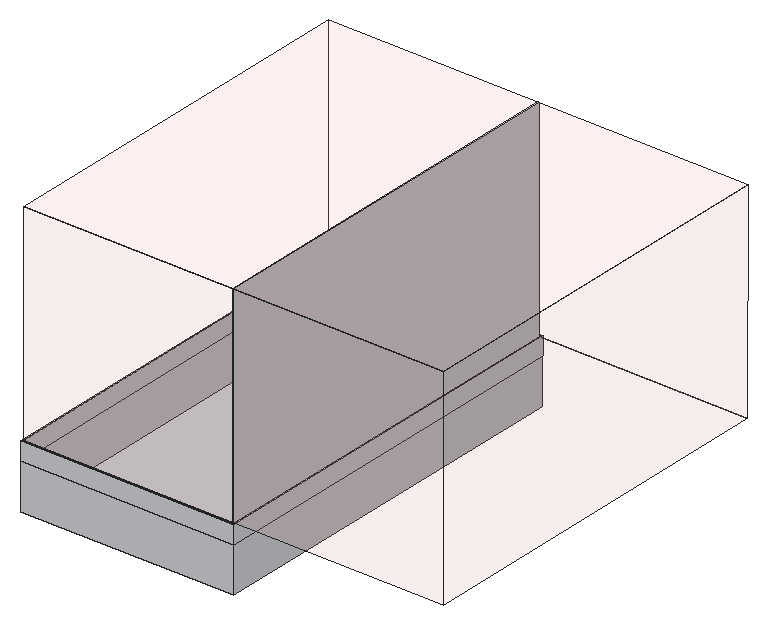
Revit family "Hager-PABLO-Flush_mounted-IP40-With_Cover-Without_DIN-Hosted-IT-it", category Electrical Equipment, host Face, Revit 2023
Family settings
  Host = Face
  Panel Configuration = Two Columns, Circuits Across
  Round Connector Dimension = Use Diameter
  Part Type = Panelboard
  Cut with Voids When Loaded = No
  Maintain Annotation Orientation = Yes
  Shared = No
  Room Calculation Point = No
Parameters (values of type "PABLO-Flush_mounted_W455_H850_D135_18_Modular_Spacing-B04147")
  Width Control [instance] = if([HG000006-Flush mounted-it], if([EF000846 - Larghezza di montaggio] > min_whd, [EF000846 - Larghezza di montaggio], min_whd), if([EF000008 - Larghezza] > min_whd, ([EF000008 - Larghezza]), min_whd))  # 455 mm
  Void Depth [instance] = if([HG000006-Flush mounted-it], Depth Control, 1 mm)  # 98 mm
  Uniformat code = "D501001"
  Uniformat = "Low Tension Service & Dist."
  HGEF0002950-Numero moduli DIN = 18
  HGEF000266-Numero di file = 4
  HG000131 - Functional label [instance] = ""
  HG000130 - Functional name [instance] = ""
  Type Comments = ""
  System Height [instance] = Height Control - 2 * [HG000005-Thickness-it]  # 817 mm
  Reference description = ""
  Reference = "PABLO-Flush_mounted_W455_H850_D135_18_Modular_Spacing-B04147"
  Object type = ""
  Name hager = "ADD_Enclosures_EC000214"
  Name BIM&CO = "Electricity"
  Name = "PABLO-Flush_mounted-IP40-With_Cover-Without_DIN-IT"
  Model = ""
  HG000099-Onfly Template ID-it-IT = "507532"
  HG000060-RAL-number = "9016"
  HG000059-Operating voltage-it-IT [instance] = 230 V
  HG000017-Distance between poles-it = 18 mm
  HG000016-Door 3D visibility-it = yes
  HG000015-Clearance visibility-it = yes
  HG000014-Door on the right-it = yes
  HG000013-Door on the left-it = no
  HG000012-Door swing angle-it = 90.00°
  HG000011-Empty rows from bottom-it = no
  HG000010-Asymmetric doors-it = no
  HG000009-Double swing door-it = no
  HG000008-Number of empty rows-it = 0
  HG000007-Number of empty columns-it = 0
  HG000006-Flush mounted-it = yes
  HG000005-Thickness-it = 2 mm
  HG000004-Manufacturer reference-it = "B04147"
  HG000003-Range-it = "PABLO"
  HG000002-with door or cover-it = yes
  HG000001 - Numero di colonne = 0
  GTIN (Global Trade Item Number) = ""
  ETIM class name = "Small distribution board"
  ETIM class code = "EC000214"
  EF015941 - Segnale di passaggio porta = no
  EF015777 - Morsettiera neutra = no
  EF015776 - Morsettiera di terra = no
  EF009212 - Esecuzione coperchio = ""
  EF006306 - Con serratura = no
  EF006244 - Coperchio/porta trasparente = no
  EF005474 - Grado di protezione (IP) = "IP40"
  EF004464 - Tipo di porta = ""
  EF004462 - Tipo di chiusura = ""
  EF002950 - Numero moduli DIN = 18
  EF001596 - Materiale del corpo = ""
  EF001134 - Barra DIN = no
  EF001131 - Profondità interna = 0 mm
  EF001088 - Possibilità di applicazione = no
  EF001062 - Esecuzione EMC = no
  EF000846 - Larghezza di montaggio = 455 mm
  EF000339 - Tipo di copertura = ""
  EF000332 - Altezza della parte incassata = 821 mm
  EF000266 - Numero di file = 4
  EF000218 - Profondità di incasso = 98 mm
  EF000118 - Con piastra di montaggio = no
  EF000116 - Numero RAL = 9016
  EF000049 - Profondità = 135 mm
  EF000040 - Altezza = 850 mm
  EF000024 - Resistente ai raggi UV = no
  EF000008 - Larghezza = 455 mm
  EF000007 - Colore = ""
  EF000003 - Tipo di montaggio = "Incassato"
  Creation Date = "12/17/2025 20:22:45"
  Code hager = "ADD-EC000214_EU"
  BIM&CO code = ""
  BC_VARIANT_ID = "1179086"
  BC_OBJECT_VERSION = "#5"  # constant formula
  BC_OBJECT_ID = "513913"  # constant formula
  BC_MODEL_ID = "1554423"  # constant formula
  Arrow Offset [instance] = Depth Control / 8  # 12.25 mm
  Arrow Height [instance] = Depth Control - Arrow Offset  # 85.75 mm
  Host Offset [instance] = if([HG000006-Flush mounted-it], 0 mm, [EF000049 - Profondità])  # 0 mm
  min_whd [instance] = (2 * [HG000005-Thickness-it]) + 1 mm  # 5 mm
  Manufacturer = "Hager"  # constant formula
  Height Control [instance] = if([HG000006-Flush mounted-it], if([EF000332 - Altezza della parte incassata] > min_whd, [EF000332 - Altezza della parte incassata], min_whd), if([EF000040 - Altezza] > min_whd, ([EF000040 - Altezza]), min_whd))  # 821 mm
  Flush Mounted - Door Frame Width [instance] = if(([EF000040 - Altezza] - [EF000332 - Altezza della parte incassata]) > 0 mm, if([HG000006-Flush mounted-it], [EF000040 - Altezza] - [EF000332 - Altezza della parte incassata], 0 mm), 0 mm)  # 29 mm
  Depth Control [instance] = if([HG000006-Flush mounted-it], if([EF000218 - Profondità di incasso] > 0 mm, [EF000218 - Profondità di incasso], 1 mm), if([EF000049 - Profondità] > 0 mm, ([EF000049 - Profondità]), 1 mm))  # 98 mm
  Default Elevation = 0 mm
Types (7, lengths in mm): name | Width Control | Void Depth | HGEF0002950-Numero moduli DIN | HGEF000266-Numero di file | System Height | Reference | HG000004-Manufacturer reference-it | EF002950 - Numero moduli DIN | EF000846 - Larghezza di montaggio | EF000332 - Altezza della parte incassata | EF000266 - Numero di file | EF000218 - Profondità di incasso | EF000049 - Profondità | EF000040 - Altezza | EF000008 - Larghezza | BC_VARIANT_ID | Arrow Offset | Arrow Height | Height Control | Flush Mounted - Door Frame Width | Depth Control
  PABLO-Flush_mounted_W169_H180_D99_4_Modular_Spacing-B04100 | 169 | 74 | 4 | 1 | 156 | "PABLO-Flush_mounted_W169_H180_D99_4_Modular_Spacing-B04100" | "B04100" | 4 | 169 | 160 | 1 | 74 | 99 | 180 | 169 | "1179080" | 9.25 | 64.75 | 160 | 20 | 74
  PABLO-Flush_mounted_W261_H225_D102_8_Modular_Spacing-B04101 | 261 | 74 | 8 | 1 | 201 | "PABLO-Flush_mounted_W261_H225_D102_8_Modular_Spacing-B04101" | "B04101" | 8 | 261 | 205 | 1 | 74 | 102 | 225 | 261 | "1179081" | 9.25 | 64.75 | 205 | 20 | 74
  PABLO-Flush_mounted_W333_H275_D108_12_Modular_Spacing-B04102 | 333 | 77 | 12 | 1 | 251 | "PABLO-Flush_mounted_W333_H275_D108_12_Modular_Spacing-B04102" | "B04102" | 12 | 333 | 255 | 1 | 77 | 108 | 275 | 333 | "1179082" | 9.625 | 67.375 | 255 | 20 | 77
  PABLO-Flush_mounted_W441_H300_D114_18_Modular_Spacing-B04103 | 441 | 77 | 18 | 1 | 276 | "PABLO-Flush_mounted_W441_H300_D114_18_Modular_Spacing-B04103" | "B04103" | 18 | 441 | 280 | 1 | 77 | 114 | 300 | 441 | "1179083" | 9.625 | 67.375 | 280 | 20 | 77
  PABLO-Flush_mounted_W455_H650_D135_18_Modular_Spacing-B04106 | 455 | 77 | 18 | 3 | 626 | "PABLO-Flush_mounted_W455_H650_D135_18_Modular_Spacing-B04106" | "B04106" | 18 | 455 | 630 | 3 | 77 | 135 | 650 | 455 | "1179084" | 9.625 | 67.375 | 630 | 20 | 77
  PABLO-Flush_mounted_W205_H180_D101_6_Modular_Spacing-B04146 | 205 | 74 | 6 | 1 | 156 | "PABLO-Flush_mounted_W205_H180_D101_6_Modular_Spacing-B04146" | "B04146" | 6 | 205 | 160 | 1 | 74 | 101 | 180 | 205 | "1179085" | 9.25 | 64.75 | 160 | 20 | 74
  PABLO-Flush_mounted_W455_H850_D135_18_Modular_Spacing-B04147 | 455 | 98 | 18 | 4 | 817 | "PABLO-Flush_mounted_W455_H850_D135_18_Modular_Spacing-B04147" | "B04147" | 18 | 455 | 821 | 4 | 98 | 135 | 850 | 455 | "1179086" | 12.25 | 85.75 | 821 | 29 | 98
Reference planes
  plane 1 "Center (Front/Back)": y = 0
  plane 2: z = 0
  plane 3 "Center (Left/Right)": x = 0
  plane 4: z = 0
  plane 5: y = 31
  plane 6: z = -5
  plane 7: y = 439.5
  plane 8: y = 29
  plane 9: y = 850
  plane 10: z = -98
  plane 11: x = -227.5
  plane 12: x = 227.5
  plane 13: x = 225.5
  plane 14: x = -225.5
  plane 15: y = 848
  plane 16: z = -96
  plane 17: z = -2
  plane 18: z = -98
  plane 19: z = -2
  plane 20 "Annotation H": y = -100
  plane 21 "Annotation V": x = 527.5
Forms (mm)
  Extrusion 1, solid
    sketch origin (-583.045, 29, 1219.2) x (-1, 0, 0) y (0, 0, 1)
      loop
        line (-355.545, -1219.2) -> (-810.545, -1219.2) -> (-810.545, -1317.2) -> (-355.545, -1317.2) -> (-355.545, -1219.2)
    from 0 to 821 <- "Height Control"
  Extrusion 2, void
    sketch origin (-381.607, -4572, 0) x (0, -1, 0) y (-1, 0, 0)
      loop
        line (-5420, -156.107) -> (-5420, -607.107) -> (-4603, -607.107) -> (-4603, -156.107) -> (-5420, -156.107)
    from 0 to 96
  Extrusion 3, void
    sketch origin (0, 0, 0) x (1, 0, 0) y (0, 1, 0)
      loop
        line (-227.5, 29) -> (227.5, 29) -> (227.5, 850) -> (-227.5, 850) -> (-227.5, 29)
    from -98 to 1
  Extrusion 4, solid, detail levels coarse+medium
    sketch origin (-381.607, -4572, 0) x (-1, 0, 0) y (0, -1, 0)
      loop
        line (-156.107, -5420) -> (-156.107, -4603) -> (-607.107, -4603) -> (-607.107, -5420) -> (-156.107, -5420)
    from 0 to -2
Cuts and joins
  Extrusion 2 cuts Extrusion 1
Dimensions and locks
  plane 4 to plane 6 = 5 mm
  "Host Offset": plane 4 to host face
  "Flush Mounted - Door Frame Width": plane 1 "Center (Front/Back)" to plane 8
  "HG000005-Thickness-it": plane 5 to plane 8
  locked: connector elem to plane 3 "Center (Left/Right)"
  "Height Control": plane 9 to plane 8
  equal spacing: plane 9, plane 7, plane 8
  locked: connector elem to plane 7
  "Depth Control": plane 4 to plane 10
  "HG000005-Thickness-it": plane 11 to plane 14
  "HG000005-Thickness-it": plane 12 to plane 13
  equal spacing: plane 11, plane 3 "Center (Left/Right)", plane 12
  "Width Control": plane 11 to plane 12
  "Arrow Offset": nested 4 to plane 10
  "HG000005-Thickness-it": plane 9 to plane 15
  "HG000005-Thickness-it": plane 16 to plane 10
  "HG000005-Thickness-it": plane 4 to plane 17
  "Void Depth": plane 2 to plane 18
  "HG000005-Thickness-it": plane 4 to plane 19
  locked: plane 20 "Annotation H" to plane 1 "Center (Front/Back)" at 100
  locked: plane 12 to plane 21 "Annotation V" at 300
  aligned and locked: plane 2 to host face
  aligned and locked: level to host face
  aligned and locked: plane 3 "Center (Left/Right)" to nested 2
  aligned and locked: plane 4 to nested 2
  aligned and locked: nested 2 to plane 8
  aligned and locked: nested 1 to plane 6
  aligned and locked: nested 1 to plane 5
  aligned and locked: nested 4 to plane 11
  aligned and locked: nested 3 to plane 4
  aligned and locked: Extrusion 1 sketch curve to plane 12
  aligned and locked: Extrusion 1 sketch curve to plane 11
  aligned and locked: nested 3 to plane 10
  aligned and locked: plane 10 to Extrusion 1 sketch curve
  aligned and locked: Extrusion 2 sketch curve to plane 5
  aligned and locked: Extrusion 2 sketch curve to plane 15
  aligned and locked: Extrusion 2 sketch curve to plane 14
  aligned and locked: Extrusion 2 sketch curve to plane 13
  aligned and locked: plane 11 to Extrusion 3 sketch curve
  aligned and locked: plane 9 to Extrusion 3 sketch curve
  aligned and locked: Extrusion 3 sketch curve to plane 8
  aligned and locked: plane 12 to Extrusion 3 sketch curve
  aligned and locked: nested 3 to plane 12
  aligned and locked: Extrusion 3 to plane 18
  aligned and locked: Extrusion 2 to plane 16
  aligned and locked: Extrusion 1 sketch curve to plane 4
  aligned and locked: Extrusion 4 to plane 17
  aligned and locked: Extrusion 4 sketch curve to plane 15
  aligned and locked: Extrusion 4 sketch curve to plane 13
  aligned and locked: Extrusion 4 sketch curve to plane 14
  aligned and locked: Extrusion 4 sketch curve to plane 5
  aligned and locked: nested 5 to plane 21 "Annotation V"
  aligned and locked: plane 20 "Annotation H" to nested 5
Automatic sketch dimensions
  host sketch curve to host sketch curve = 1469.727 mm
  host sketch curve to host sketch curve = 1434.803 mm
Nested families
  nested 1: "Hager_Enclosure_System" at (0, 31, -5) x (1, 0, 0) z (0, 1, 0), Height <- "System Height", Width_Control <- "Width Control", Built-in_Width <- "EF000846 - Larghezza di montaggio", Width <- "EF000008 - Larghezza", Depth <- "HG000005-Thickness-it", Border <- "HG000005-Thickness-it", Distance_Between_Poles <- "HG000017-Distance between poles-it", Flush_Mounted <- "HG000006-Flush mounted-it", Empty_Columns <- "HG000007-Number of empty columns-it", Total_No_Empty_Rows <- "HG000008-Number of empty rows-it", Empty_Rows_From_Bottom <- "HG000011-Empty rows from bottom-it", Columns_Count <- "HG000001 - Numero di colonne", Rows_Count <- "HGEF000266-Numero di file", Row_Module_Multiplicator <- "HGEF0002950-Numero moduli DIN", type "Hager_Enclosure_System", detail levels fine
    with Width_Control 455 mm, Width 455 mm, Total_No_Rows 4, Total_No_Empty_Rows 0, Total_No_Columns 1, System_Width 451 mm, Rows_Count 4, Rows_Column 4, Row_Module_Multiplicator 18, Panel_4 no, Panel_3 no, Panel_2 no, Panel_1 no, No_Panels_Ctrl 1, Hide_Columns yes, Height 817 mm, Flush_Mounted yes, Empty_Rows_From_Bottom no, Empty_Rows_Column 0, Empty_Columns 0, Empty column 4 0, Empty column 3 0, Empty column 2 0, Empty column 1 0, Distance_Between_Poles 18 mm, Depth 2 mm, Columns_Count 0, Column_Width 451 mm, Built-in_Width 455 mm, Border 2 mm
  nested 2: "Hager_Enclosure_Door" at (0, 29, 0) x (1, 0, 0) z (0, 1, 0), Height_Ctrl <- "Height Control", Width_Ctrl <- "Width Control", BuiltIn_Depth <- "EF000218 - Profondità di incasso", Depth <- "EF000049 - Profondità", BuiltIn_Width <- "EF000846 - Larghezza di montaggio", Height <- "EF000040 - Altezza", BuiltIn_Height <- "EF000332 - Altezza della parte incassata", Width <- "EF000008 - Larghezza", Transparent <- "EF006244 - Coperchio/porta trasparente", Border <- "HG000005-Thickness-it", Door <- "HG000002-with door or cover-it", Flush_Mounted <- "HG000006-Flush mounted-it", Double <- "HG000009-Double swing door-it", Assymetrical <- "HG000010-Asymmetric doors-it", Angle <- "HG000012-Door swing angle-it", Door_Left <- "HG000013-Door on the left-it", Door_Right <- "HG000014-Door on the right-it", Clearance <- "HG000015-Clearance visibility-it", 3d_Door <- "HG000016-Door 3D visibility-it", type "Hager_Enclosure_Door", detail levels medium+fine
    with min_wh 5 mm, Width_Ctrl 455 mm, Width 455 mm, Transparent_Door_No_Bottom_Border no, Transparent no, Leaf_Width 448 mm, Leaf_Tolerance 1.5 mm, Leaf_Height 814 mm, Leaf_2_Width 448 mm, Leaf_2_Offset 224 mm, Leaf_1_Width 448 mm, Leaf_1_Offset 224 mm, Height_Ctrl 821 mm, Height 850 mm, Frame_Width_Ctrl 1 mm, Frame_Width 0 mm, Frame_Internal_Offset 2 mm, Frame_Height_Ctrl 29 mm, Frame_Height 29 mm, Frame_Depth_Ctrl 37 mm, Frame_Depth 37 mm, Flush_Mounted yes, Double_Clearance_Ctrl no, Double no, Door_Right_Ctrl yes, Door_Right yes, Door_Left_Ctrl no, Door_Left no, Door yes, Depth 135 mm, Clearance_Depth 448 mm, Clearance_Ctrl yes, Clearance yes, BuiltIn_Width 455 mm, BuiltIn_Height 821 mm, BuiltIn_Depth 98 mm, Border 2 mm, Assymetrical no, Angle 90.00°, 3d_Door yes
  nested 3: "Hager_Enclosure_Symbol_Triangle" at (-227.5, 0, -98) x (1, 0, 0) z (0, -1, 0), Depth <- "Depth Control", Width <- "Width Control", type "Hager_Enclosure_Symbol_Triangle"
    with Width_Ctrl 455 mm, Width 455 mm, Depth_Ctrl 98 mm, Depth 98 mm
  nested 4: "Hager_Enclosure_Symbol_Arrow" at (-227.5, 0, -85.75) x (1, 0, 0) z (0, -1, 0), Height <- "Arrow Height", type "Hager_Enclosure_Symbol_Arrow"
    with Width_Inside 6.431 mm, Width 77.175 mm, Height_Ctrl 85.75 mm, Height 85.75 mm
  nested 5: "Hager_Annotation-HG000130" at (527.5, -100, 0) x (-1, 0, 0) z (0, 0, 1), HG000130 - Functional name <- "HG000130 - Functional name", type "Hager_Annotation-HG000130"
    with HG000130 - Functional name ""
Connectors
  electrical at (0, 439.5, -98)
    settings: on plane 10, index 1, voltage 0 V, apparent load 0 VA, apparent load phase1 0 VA, apparent load phase2 0 VA, apparent load phase3 0 VA, power factor 1, load classification "Other", number of poles 1, system type 30, power factor state 1, is connector primary yes, connector utility no, sub classification motor no, connector description ""
Definition of nested family "Hager_Enclosure_Door"
  Parameters (values of type "Hager_Enclosure_Door")
    min_wh [instance] = (2 * Border) + 1 mm  # 11 mm
    Width_Ctrl [instance] = 400 mm
    Width [instance] = 500 mm
    Transparent_Door_No_Bottom_Border [instance] = no
    Transparent [instance] = yes
    Leaf_Width [instance] = if((Width_Ctrl - 2 * Border - 2 * Leaf_Tolerance) > 0 mm, (Width_Ctrl - 2 * Border - 2 * Leaf_Tolerance), min_wh)  # 387 mm
    Leaf_Tolerance [instance] = 1.5 mm  # constant formula
    Leaf_Height [instance] = if((Height_Ctrl - 2 * Border - 2 * Leaf_Tolerance) > 0 mm, (Height_Ctrl - 2 * Border - 2 * Leaf_Tolerance), min_wh)  # 387 mm
    Leaf_2_Width [instance] = if(and(and(Double, Assymetrical), Door_Left), (Leaf_Width / 3) - (Leaf_Tolerance / 2), if(and(and(Double, Assymetrical), Door_Right), (Leaf_Width / 3) * 2 - (Leaf_Tolerance / 2), if(and(Double, not(Assymetrical)), (Leaf_Width / 2) - Leaf_Tolerance, Leaf_Width)))  # 387 mm
    Leaf_2_Offset [instance] = if(and(Double, Assymetrical), Leaf_2_Width / 2, if(and(Double, not(Assymetrical)), Leaf_Width / 4, Leaf_Width / 2))  # 193.5 mm
    Leaf_1_Width [instance] = if(and(and(Double, Assymetrical), Door_Right), (Leaf_Width / 3) - (Leaf_Tolerance / 2), if(and(and(Double, Assymetrical), Door_Left), (Width / 3) * 2 - (Leaf_Tolerance / 2), if(and(Double, not(Assymetrical)), (Leaf_Width / 2) - Leaf_Tolerance, Leaf_Width)))  # 387 mm
    Leaf_1_Offset [instance] = if(and(Double, Assymetrical), Leaf_1_Width / 2, if(and(Double, not(Assymetrical)), Leaf_Width / 4, Leaf_Width / 2))  # 193.5 mm
    Height_Ctrl [instance] = 400 mm
    Height [instance] = 500 mm
    Frame_Width_Ctrl [instance] = if(Frame_Width > 0 mm, Frame_Width, 1 mm)  # 1 mm
    Frame_Width [instance] = Width - BuiltIn_Width  # 0 mm
    Frame_Internal_Offset [instance] = if(Flush_Mounted, Border, 0 mm)  # 5 mm
    Frame_Height_Ctrl [instance] = if(Frame_Height > 0 mm, Frame_Height, 1 mm)  # 1 mm
    Frame_Height [instance] = Height - BuiltIn_Height  # 0 mm
    Frame_Depth_Ctrl [instance] = if(Frame_Depth > 0 mm, Frame_Depth, 1 mm)  # 1 mm
    Frame_Depth [instance] = if(Depth - BuiltIn_Depth > 0 mm, if(Flush_Mounted, Depth - BuiltIn_Depth, 0 mm), 0 mm)  # 0 mm
    Flush_Mounted [instance] = yes
    Double_Clearance_Ctrl [instance] = and(Double, Clearance)  # no
    Double [instance] = no
    Door_Right_Ctrl [instance] = and(or(Door_Right, Double), Door)  # yes
    Door_Right [instance] = yes
    Door_Left_Ctrl [instance] = and(or(Door_Left, Double), Door)  # no
    Door_Left [instance] = no
    Door [instance] = yes
    Depth [instance] = 500 mm
    Default Elevation = 1219.2 mm
    Clearance_Material = none
    Clearance_Depth [instance] = if(Leaf_1_Width > Leaf_2_Width, Leaf_1_Width, Leaf_2_Width)  # 387 mm
    Clearance_Ctrl [instance] = and(not(Double), Clearance)  # yes
    Clearance [instance] = yes
    BuiltIn_Width [instance] = 500 mm
    BuiltIn_Height [instance] = 500 mm
    BuiltIn_Depth [instance] = 500 mm
    Border [instance] = 5 mm
    Assymetrical [instance] = yes
    Angle [instance] = 30.00°
    3d_Door [instance] = yes
  Reference planes
    plane 1 "Center (Front/Back)": y = 0
    plane 2 "Bottom": z = 0
    plane 3 "Center (Left/Right)": x = 0
    plane 4: z = 400
    plane 5: x = -200
    plane 6: x = 200
    plane 7: z = 395
    plane 8: x = -195
    plane 9: z = 5
    plane 10: x = 195
    plane 11: y = 0
    plane 12: z = 6.5
    plane 13: x = -582
    plane 14: y = -387
    plane 15: x = 582
    plane 16: x = 0
    plane 17: x = 0
    plane 18: x = -193.5
    plane 19: x = 193.5
    plane 20: z = 393.5
  Forms (mm)
    Extrusion 1, solid, visible <- "Flush_Mounted"
      sketch origin (0, 0, 0) x (1, 0, 0) y (0, 0, 1)
        loop
          line (195, 5) -> (195, 395) -> (-195, 395) -> (-195, 5) -> (195, 5)
        loop
          line (-201, 401) -> (-201, -1) -> (201, -1) -> (201, 401) -> (-201, 401)
      from 0 to 1 <- "Frame_Depth_Ctrl"
    Extrusion 2, solid, material <- "Clearance_Material", visible <- "Double_Clearance_Ctrl"
      sketch origin (1200, 0, 0) x (1, 0, 0) y (0, 0, -1)
        loop
          line (-1782, -393.5) -> (-618, -393.5) -> (-618, 0) -> (-1782, 0) -> (-1782, -393.5)
      from 0 to -387
  Dimensions and locks
    equal spacing: plane 5, plane 3 "Center (Left/Right)", plane 6
    "Width_Ctrl": plane 5 to plane 6
    "Border": plane 5 to plane 8
    "Border": plane 6 to plane 10
    "Border": plane 9 to level
    "Border": plane 4 to plane 7
    "Height_Ctrl": plane 4 to level
    "Leaf_Tolerance": plane 12 to plane 9
    "Frame_Depth": plane 11 to plane 1 "Center (Front/Back)"
    "Frame_Width_Ctrl": plane 5 to Extrusion 1 sketch curve
    "Frame_Width_Ctrl": plane 6 to Extrusion 1 sketch curve
    "Frame_Width_Ctrl": Extrusion 1 sketch curve to plane 4
    "Frame_Width_Ctrl": plane 2 "Bottom" to Extrusion 1 sketch curve
    "Leaf_1_Offset": plane 18 to plane 16
    "Leaf_2_Offset": plane 17 to plane 19
    "Leaf_1_Width": plane 13 to plane 8
    "Leaf_2_Width": plane 10 to plane 15
    "Clearance_Depth": plane 14 to plane 1 "Center (Front/Back)"
    "Leaf_Tolerance": plane 8 to plane 18
    "Leaf_Tolerance": plane 19 to plane 10
    "Leaf_Tolerance": plane 7 to plane 20
    "Frame_Internal_Offset": plane 5 to Extrusion 1 sketch curve
    "Frame_Internal_Offset": Extrusion 1 sketch curve to plane 2 "Bottom"
    "Frame_Internal_Offset": plane 6 to Extrusion 1 sketch curve
    "Frame_Internal_Offset": plane 4 to Extrusion 1 sketch curve
    aligned and locked: level to plane 2 "Bottom"
    aligned and locked: nested 1 to plane 16
    aligned and locked: nested 2 to plane 17
    aligned and locked: Extrusion 2 to plane 13
    aligned and locked: plane 15 to Extrusion 2
    aligned and locked: Extrusion 2 to plane 14
    aligned and locked: plane 12 to nested 1
    aligned and locked: nested 2 to plane 12
    aligned and locked: Extrusion 2 to plane 11
    aligned and locked: plane 20 to Extrusion 2
    aligned and locked: nested 2 to plane 11
    aligned and locked: nested 1 to plane 11
  Automatic sketch dimensions
    Extrusion 2 sketch curve to level = 0 mm
    plane 5 to Extrusion 2 sketch curve = 382 mm
    plane 6 to Extrusion 2 sketch curve = 382 mm
    Extrusion 2 sketch curve to plane 4 = 6.5 mm
  Nested families
    nested 1: "Hager_Enclosure_Door_Leaf" at (0, 0, 6.5), Width <- "Leaf_1_Width", visible <- "Door_Left_Ctrl", Leaf_Height <- "Leaf_Height", Angle <- "Angle", Depth <- "Border", 3d_Door <- "3d_Door", Transparent <- "Transparent", Clearance Material <- "Clearance_Material", Clearance <- "Clearance_Ctrl", Transparent_Door_No_Bottom_Border <- "Transparent_Door_No_Bottom_Border", type "Hager_Enclosure_Door_Leaf"
      with Width 387 mm, Transparent_Door_No_Bottom_Border no, Transparent_Door_Border_Bottom_Top 25 mm, Transparent_Door_Border 25 mm, Transparent_Ctrl yes, Transparent yes, Standard no, Leaf_Height 387 mm, Glass_Offset 1 mm, Depth 5 mm, Clearance Material none, Clearance yes, Angle_Ctrl 30.00°, Angle 30.00°, 3d_Door yes
    nested 2: "Hager_Enclosure_Door_Leaf" at (0, 0, 6.5) x (-1, 0, 0) z (0, 0, 1), Width <- "Leaf_2_Width", visible <- "Door_Right_Ctrl", Leaf_Height <- "Leaf_Height", Angle <- "Angle", Depth <- "Border", 3d_Door <- "3d_Door", Transparent <- "Transparent", Clearance Material <- "Clearance_Material", Clearance <- "Clearance_Ctrl", Transparent_Door_No_Bottom_Border <- "Transparent_Door_No_Bottom_Border", type "Hager_Enclosure_Door_Leaf"
      with Width 387 mm, Transparent_Door_No_Bottom_Border no, Transparent_Door_Border_Bottom_Top 25 mm, Transparent_Door_Border 25 mm, Transparent_Ctrl yes, Transparent yes, Standard no, Leaf_Height 387 mm, Glass_Offset 1 mm, Depth 5 mm, Clearance Material none, Clearance yes, Angle_Ctrl 30.00°, Angle 30.00°, 3d_Door yes
  Definition of nested family "Hager_Enclosure_Door_Leaf"
    Parameters (values of type "Hager_Enclosure_Door_Leaf")
      Width [instance] = 2000 mm
      Transparent_Door_No_Bottom_Border [instance] = yes
      Transparent_Door_Border_Bottom_Top [instance] = if(Transparent_Door_No_Bottom_Border, 0.1 mm, Transparent_Door_Border)  # 0.1 mm
      Transparent_Door_Border [instance] = if(Transparent_Door_No_Bottom_Border, (Width * 0.12), 25 mm)  # 240 mm
      Transparent_Ctrl [instance] = and(Transparent, [3d_Door])  # yes
      Transparent [instance] = yes
      Standard [instance] = and(not(Transparent), [3d_Door])  # no
      Leaf_Height [instance] = 2720.336 mm
      Glass_Offset [instance] = if((Depth - 10 mm) / 2 > 0 mm, (Depth - 10 mm) / 2, 1 mm)  # 15 mm
      Glass_Material = none
      Depth [instance] = 40 mm
      Default Elevation = 0 mm
      Clearance Material [instance] = none
      Clearance [instance] = yes
      Angle_Ctrl [instance] = if(Angle > 170.00°, 170.00°, Angle)  # 45.00°
      Angle [instance] = 45.00°
      3d_Door [instance] = yes
    Reference planes
      plane 1 "Center (Front/Back)": y = 0
      plane 2: z = 0
      plane 3 "Center (Left/Right)": x = 0
      plane 4: y = 2000
      plane 5: x = -1000
      plane 6: x = 1000
      plane 7: x = -3000
      plane 8: z = 2720.336
      plane 9: z = 0.1
      plane 10: z = 2720.236
      plane 11: x = 760
      plane 12: x = -760
    Forms (mm)
      Extrusion 1, solid, material <- "Clearance Material", visible <- "Clearance"
        sketch origin (0, 0, 0) x (1, 0, 0) y (0, 0, 1)
          loop
            line (-3000, 2720.336) -> (-3000, 0) -> (1000, 0) -> (1000, 2720.336) -> (-3000, 2720.336)
        from 0 to -2000
      Extrusion 2, solid, visible <- "Standard", detail levels medium+fine
        sketch origin (-1000, 0, 0) x (0.707107, 0.707107, 0) y (-0.707107, 0.707107, 0)
          loop
            line (0, -40) -> (2000, -40) -> (2000, 0) -> (0, 0) -> (0, -40)
        from 0 to 2720.336 <- "Leaf_Height"
      Extrusion 3, solid, visible <- "Transparent_Ctrl", detail levels medium+fine
        sketch origin (-1000, 0, 0) x (0.707107, 0.707107, 0) y (-0.707107, 0.707107, 0)
          loop
            line (0, -40) -> (2000, -40) -> (2000, 0) -> (0, 0) -> (0, -40)
        from 0 to 2720.336 <- "Leaf_Height"
      Extrusion 4, void, detail levels medium+fine
        sketch origin (-1000, 0, 0) x (-0.707107, 0.707107, 0) y (0.707107, 0.707107, 0)
          loop
            line (0, 240) -> (0, 1760) -> (-40, 1760) -> (-40, 240) -> (0, 240)
        from -2720.236 to -0.1
      Extrusion 5, solid, material <- "Glass_Material", visible <- "Transparent_Ctrl", detail levels medium+fine
        sketch origin (-1000, 0, 0) x (0.707107, 0.707107, 0) y (-0.707107, 0.707107, 0)
          loop
            line (240, -15) -> (240, -25) -> (1760, -25) -> (1760, -15) -> (240, -15)
        from 0.1 to 2720.236
    Cuts and joins
      Extrusion 4 cuts Extrusion 3
    Lines and regions (mm)
      symbolic lines
        curve 1: line (1000, 0, 0) -> (-3000, 0, 0)
        curve 2: arc (1000, 0, 0) -> (-1000, 2000, 0) -> (-3000, 0, 0) r 2000
        curve 4: line (-1000, 0, 0) -> (414.214, 1414.214, 0)
      reference lines
        curve 3: line (-1000, 0, 0) -> (414.214, 1414.214, 0)
      symbolic lines, detail levels medium+fine
        curve 5: line (414.214, 1414.214, 0) -> (442.498, 1385.929, 0)
        curve 6: line (442.498, 1385.929, 0) -> (-971.716, -28.284, 0)
        curve 7: line (-971.716, -28.284, 0) -> (-1000, 0, 0)
        curve 8: line (-1000, 0, 2720.336) -> (1000, 0, 2720.336)
        curve 9: line (-1000, 0, 0) -> (-1000, 0, 2720.336)
        curve 10: line (1000, 0, 0) -> (-1000, 0, 0)
        curve 11: line (1000, 0, 2720.336) -> (1000, 0, 0)
      symbolic lines, visible <- "Transparent_Ctrl", detail levels medium+fine
        curve 12: line (-760, 0, 2720.236) -> (760, 0, 2720.236)
        curve 13: line (-760, 0, 0.1) -> (-760, 0, 2720.236)
        curve 14: line (760, 0, 0.1) -> (-760, 0, 0.1)
        curve 15: line (760, 0, 2720.236) -> (760, 0, 0.1)
    Dimensions and locks
      "Width": plane 1 "Center (Front/Back)" to plane 4
      equal spacing: plane 5, plane 3 "Center (Left/Right)", plane 6
      "Width": plane 5 to plane 6
      "Width": plane 7 to plane 5
      "Leaf_Height": plane 8 to level
      "Depth": curve 6 to curve 3
      "Width": curve 5 to curve 3
      "Width": curve 3 to curve 3
      "Transparent_Door_Border": Extrusion 4 sketch curve to curve 7
      "Transparent_Door_Border": Extrusion 4 sketch curve to curve 5
      "Transparent_Door_Border_Bottom_Top": plane 8 to plane 10
      "Transparent_Door_Border_Bottom_Top": plane 9 to level
      "Glass_Offset": Extrusion 5 sketch curve to curve 4
      "Glass_Offset": Extrusion 5 sketch curve to curve 6
      "Transparent_Door_Border": Extrusion 5 sketch curve to curve 5
      "Transparent_Door_Border": Extrusion 5 sketch curve to curve 7
      "Transparent_Door_Border": plane 12 to plane 5
      "Transparent_Door_Border": plane 6 to plane 11
      "Angle_Ctrl": angle plane 1 "Center (Front/Back)" to curve 3
      aligned and locked: level to plane 2
      aligned and locked: Extrusion 1 to curve 1
      aligned and locked: plane 6 to Extrusion 1
      aligned and locked: Extrusion 1 to plane 1 "Center (Front/Back)"
      aligned and locked: plane 4 to Extrusion 1
      aligned and locked: plane 8 to Extrusion 1
      aligned and locked: curve 4 to curve 3
      aligned and locked: Extrusion 2 sketch curve to curve 7
      aligned and locked: Extrusion 2 sketch curve to curve 6
      aligned and locked: Extrusion 2 sketch curve to curve 5
      aligned and locked: Extrusion 2 sketch curve to curve 3
      aligned and locked: curve 7 to Extrusion 3 sketch curve
      aligned and locked: Extrusion 3 sketch curve to curve 4
      aligned and locked: Extrusion 3 sketch curve to curve 6
      aligned and locked: Extrusion 3 sketch curve to curve 5
      aligned and locked: curve 4 to Extrusion 4 sketch curve
      aligned and locked: curve 6 to Extrusion 4 sketch curve
      aligned and locked: Extrusion 4 to plane 9
      aligned and locked: Extrusion 4 to plane 10
      aligned and locked: Extrusion 5 to plane 9
      aligned and locked: Extrusion 5 to plane 10
      aligned and locked: curve 8 to plane 8
      aligned and locked: plane 5 to curve 9
      aligned and locked: plane 2 to curve 10
      aligned and locked: curve 11 to plane 6
      aligned and locked: plane 10 to curve 12
      aligned and locked: plane 12 to curve 13
      aligned and locked: curve 14 to plane 9
      aligned and locked: plane 11 to curve 15
    Automatic sketch dimensions
      plane 1 "Center (Front/Back)" to curve 2 = 0 mm
      curve 2 to plane 5 = 0 mm
      Extrusion 1 sketch curve to level = 0 mm
      Extrusion 1 sketch curve to plane 7 = 0 mm
      Extrusion 1 sketch curve to plane 6 = 0 mm
      Extrusion 1 sketch curve to plane 8 = 0 mm
      plane 1 "Center (Front/Back)" to curve 3 = 0 mm
      curve 3 to plane 5 = 0 mm
      curve 7 to curve 3 = 0 mm
Definition of nested family "Hager_Enclosure_Symbol_Triangle"
  Parameters (values of type "Hager_Enclosure_Symbol_Triangle")
    Width_Ctrl [instance] = if(Width > 1 mm, Width, 1 mm)  # 498 mm
    Width [instance] = 498 mm
    Depth_Ctrl [instance] = if(Depth > 1 mm, Depth, 1 mm)  # 72 mm
    Depth [instance] = 72 mm
  Reference planes
    plane 1 "Centre (avant/arrière)": y = 0
    plane 2: z = 0
    plane 3 "Centre (gauche/droite)": x = 0
  Lines and regions (mm)
    Filled region 1, type "Solid_Black", in view "Niveau de réf."
      outline origin (0, 0, 0) x (1, 0, 0) y (0, 1, 0)
        loop
          line (0, 0) -> (498, 0) -> (498, 72) -> (0, 0)
    reference lines, in view "Niveau de réf."
      curve 1: line (-206.153, 72, 0) -> (1083.258, 72, 0)
      curve 2: line (498, 405.456, 0) -> (498, -517.619, 0)
  Dimensions and locks
    "Depth_Ctrl": plane 1 "Centre (avant/arrière)" to curve 1
    "Width_Ctrl": plane 3 "Centre (gauche/droite)" to curve 2
    aligned and locked: curve 1 to Filled region 1 sketch curve
    aligned and locked: Filled region 1 sketch curve to plane 1 "Centre (avant/arrière)"
    aligned and locked: curve 2 to Filled region 1 sketch curve
    aligned and locked: plane 3 "Centre (gauche/droite)" to Filled region 1 sketch curve
    aligned and locked: plane 1 "Centre (avant/arrière)" to Filled region 1 sketch curve
  Automatic sketch dimensions
    curve 1 to plane 3 "Centre (gauche/droite)" = 206.153 mm
    curve 2 to curve 1 = 585.258 mm
    plane 1 "Centre (avant/arrière)" to curve 2 = 517.619 mm
    curve 2 to plane 1 "Centre (avant/arrière)" = 405.456 mm
Definition of nested family "Hager_Enclosure_Symbol_Arrow"
  Parameters (values of type "Hager_Enclosure_Symbol_Arrow")
    Width_Inside [instance] = if(Width / 12 > 2 mm, Width / 12, 2 mm)  # 4.987 mm
    Width [instance] = if(Height_Ctrl * 0.9 > 2 mm, Height_Ctrl * 0.9, 2 mm)  # 59.85 mm
    Height_Ctrl [instance] = if(Height > 2 mm, Height, 2 mm)  # 66.5 mm
    Height [instance] = 66.5 mm
  Reference planes
    plane 1 "Centre (avant/arrière)": y = 0
    plane 2: z = 0
    plane 3 "Centre (gauche/droite)": x = 0
    plane 4: x = 59.85
    plane 5: y = 28.263
    plane 6: y = 38.238
    plane 7: y = 66.5
    plane 8: x = 29.925
    plane 9: y = 33.25
  Lines and regions (mm)
    Filled region 1, type "Solid_Black", in view "Niveau de réf."
      outline origin (0, 0, 0) x (1, 0, 0) y (0, 1, 0)
        loop
          line (59.85, 66.5) -> (37.929, 52.827) -> (51.846, 41.935) -> (59.85, 66.5)
    detail lines, in view "Niveau de réf."
      curve 1: line (0, 0, 0) -> (29.925, 38.238, 0)
      curve 2: line (29.925, 38.238, 0) -> (29.925, 28.263, 0)
      curve 3: line (29.925, 28.263, 0) -> (59.85, 66.5, 0)
  Dimensions and locks
    "Width": plane 3 "Centre (gauche/droite)" to plane 4
    "Height_Ctrl": plane 7 to plane 1 "Centre (avant/arrière)"
    equal spacing: plane 3 "Centre (gauche/droite)", plane 8, plane 4
    equal spacing: plane 7, plane 9, plane 1 "Centre (avant/arrière)"
    equal spacing: plane 6, plane 9, plane 5
    "Width_Inside": plane 6 to plane 9
    equal spacing: curve 3, Filled region 1 sketch curve, Filled region 1 sketch curve
    angle Filled region 1 sketch curve to curve 3 = 20.00°
    angle curve 3 to Filled region 1 sketch curve = 20.00°
    locked: curve 3 to Filled region 1 sketch curve (angle 90.00°)
  Automatic sketch dimensions
    plane 1 "Centre (avant/arrière)" to curve 1 = 0 mm
    curve 1 to plane 3 "Centre (gauche/droite)" = 0 mm
    curve 2 to plane 6 = 0 mm
    curve 3 to plane 8 = 0 mm
    curve 3 to plane 4 = 0 mm
    curve 2 to plane 5 = 0 mm
    curve 3 to plane 7 = 0 mm
    Filled region 1 sketch curve to plane 4 = 0 mm
    Filled region 1 sketch curve to plane 7 = 0 mm
Definition of nested family "Hager_Annotation-HG000130"
  Parameters (values of type "Hager_Annotation-HG000130")
    HG000130 - Functional name [instance] = ""
  Reference planes
    plane 1: y = 0
    plane 2: x = 0
  Lines and regions (mm)
    detail lines
      curve 1: line (-27.5, 10, 0) -> (27.5, 10, 0)
      curve 2: line (-27.5, -10, 0) -> (-27.5, 10, 0)
      curve 3: line (27.5, -10, 0) -> (-27.5, -10, 0)
      curve 4: line (27.5, 10, 0) -> (27.5, -10, 0)
  Text (mm)
    label "HG000130 - Functional name" at (0.16, 0.026, 0), shows "HG000130 - Functional name"
